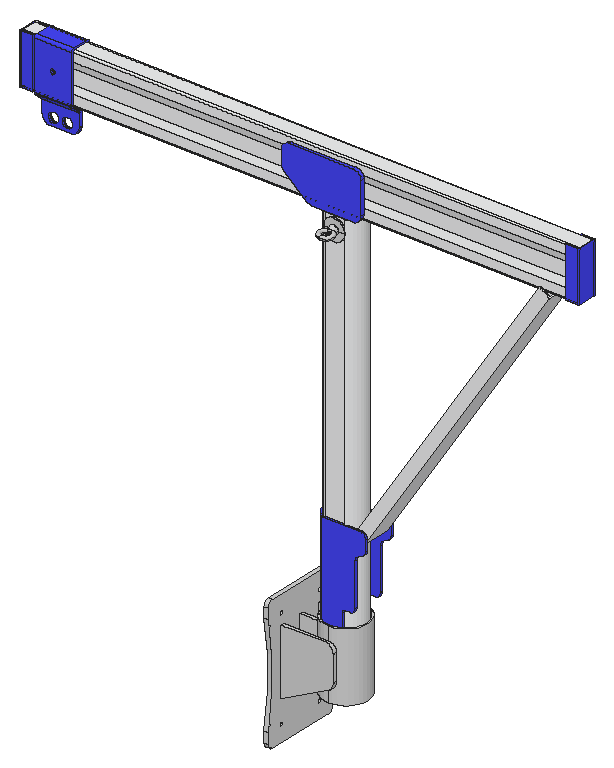
Revit family "FallProtection_DavitBase_Kattsafe_WallMount", category Specialty Equipment, Revit 2025 (continued)
Definition of nested family "OperationalReach_DavitArm_Kattsafe"
  Dimensions and locks
    aligned and locked: plane 4 "Center (F/C" to curve 1
  Automatic sketch dimensions
    plane 1 "Center (Front/Back)" to curve 22 = 0 mm
    curve 22 to plane 3 "Center (Left/Right)" = 0 mm
    plane 4 "Center (F/C" to curve 12 = 4 mm
    curve 12 to plane 3 "Center (Left/Right)" = 34 mm
    curve 19 to plane 3 "Center (Left/Right)" = 35 mm
    curve 13 to curve 16 = 3 mm
    curve 16 to curve 15 = 5 mm
    curve 19 to curve 19 = 17.5 mm
    plane 3 "Center (Left/Right)" to curve 1 = 34 mm
    plane 3 "Center (Left/Right)" to curve 9 = 35 mm
    plane 3 "Center (Left/Right)" to curve 5 = 35 mm
    curve 4 to curve 3 = 3 mm
    curve 5 to curve 6 = 5 mm
    curve 9 to curve 11 = 12.5 mm
    curve 21 to plane 1 "Center (Front/Back)" = 205 mm
    curve 19 to curve 11 = 0 mm
    curve 16 to curve 12 = 60 mm
    curve 8 to curve 2 = 60 mm
    curve 16 to curve 13 = 14 mm
    curve 6 to curve 4 = 14 mm
    curve 18 to curve 18 = 90.325 mm
    curve 10 to curve 10 = 90.325 mm
Types (5, lengths in mm): name | Type Comments | RightOffset | OperationalRangeVis | OperationalRangeRadius | OperationalRangeOA | Model | ManufacturerSpecCode | ManufacturerOverallWidth | ManufacturerOverallHeight | DavitArmVis | ArmWidth | ArmHeight
  Base Only (OH521) | "Base Only" | 83 | no | 1070 | 1199 | "OH521" | "OH521" | 271.1 | 500 | no | 2506 | 2400
  1000mm Reach - 1600H (OH510.1600 + OH521) | "1000mm Reach - 1600mm Height Clearance" | 907 | yes | 1070 | 1199 | "OH510.1600 + OH521" | "OH510.1600 + OH521" | 2106 | 2026 | yes | 2106 | 1800
  1000mm Reach - 2200H (OH510.2200 + OH521) | "1000mm Reach - 2200mm Height Clearance" | 907 | yes | 1070 | 1199 | "OH510.2200 + OH521" | "OH510.2200 + OH521" | 2106 | 2626 | yes | 2106 | 2400
  1400mm Reach - 1600H (OH514.1600 + OH521) | "1400mm Reach - 1600mm Height Clearance" | 907 | yes | 1470 | 1599 | "OH514.1600 + OH521" | "OH514.1600 + OH521" | 2506 | 2026 | yes | 2506 | 1800
  1400mm Reach - 2200H (OH514.2200 + OH521) | "1400mm Reach - 2200mm Height Clearance" | 907 | yes | 1470 | 1599 | "OH514.2200 + OH521" | "OH514.2200 + OH521" | 2506 | 2626 | yes | 2506 | 2400
